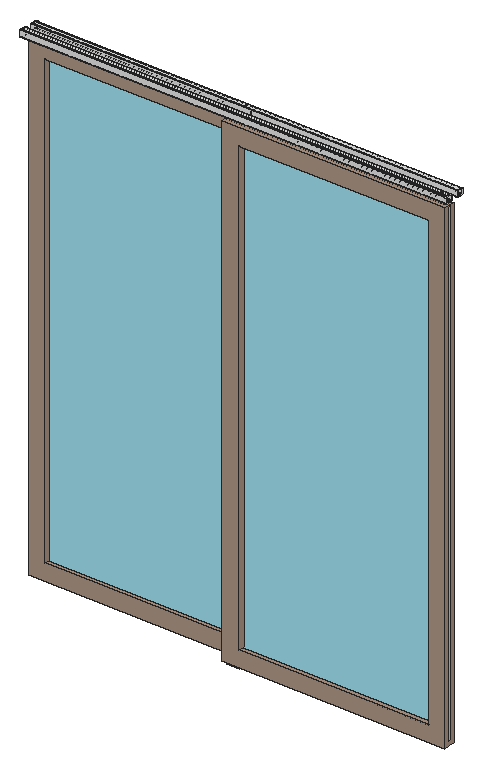
Revit family "2 Panel Slide SB2 XRDLP", category Doors, host Wall, Revit 2016
Family settings
  Host = Wall
  Always vertical = Yes
  Cut with Voids When Loaded = No
  Shared = No
  Room Calculation Point = No
Parameters (values of type "81"x 94 1/8"")
  URL = "www.raydoor.com"
  Type Image = SB2.jpg
  Trim GC [instance] = no
  Thickness = 2 1/4"  # constant formula
  Rough Width = 1"  # constant formula
  Rough Height = 161"
  Model = "SB2"
  Function = Interior
  Door Material = Door - Panel
  Panel Material = Glass, Cast, Gray
  Height = 94 1/8"
  Trim Projection Ext = 63/64"  # constant formula
  Typ = 3"  # constant formula
  Wall Closure = By host
  Width = 81"
  Assembly Code = "SB2 XRDLP"
Reference planes (in)
  plane 1: y = 0
  plane 2: z = 0
  plane 3: x = 0
  plane 4: x = -40.5
  plane 5: x = 40.5
  plane 6: z = 94.125
  plane 7: z = 92.9375
  plane 8: x = 37.5
  plane 9: x = 39
  plane 10: x = -1.5
  plane 11: x = 0
  plane 12: x = 1.5
  plane 13: x = -39
  plane 14: x = -37.5
  plane 15: y = 0.125
  plane 16: y = -2.375
  plane 17: y = 2.375
  plane 18: y = -0.125
Forms (in)
  Extrusion 1, solid, material "Door - Panel" <- "Door Material"
    sketch origin (-58, 2.62273, 0.25) x (1, 0, 0) y (0, 0, 1)
      loop
        line (56.2898, 92.125) -> (56.2898, 0.25) -> (98.5, 0.25) -> (98.5, 92.125) -> (56.2898, 92.125)
      loop
        line (59.5, 89.125) -> (59.5, 3.25) -> (95.5, 3.25) -> (95.5, 89.125) -> (59.5, 89.125)
    from 2.74773 to 4.99609
  Extrusion 2, solid, material "Glass, Cast, Gray" <- "Panel Material"
    sketch origin (-57.74997, -27.47932, 0.25) x (1, 0, 0) y (0, 0, 1)
      loop
        line (56.03978, 92.125) -> (56.03978, 1.125) -> (98.24998, 1.125) -> (98.24998, 92.125) -> (56.03978, 92.125)
    from -26.35104 to -26.10268
  Extrusion 3, void
    sketch origin (-58, -9.64385, -90.75) x (1, 0, 0) y (0, 0, 1)
      loop
        line (56.2898, 92.125) -> (56.2898, 91.25) -> (98.5, 91.25) -> (98.5, 92.125) -> (56.2898, 92.125)
    from -8.51721 to -8.26885
  Extrusion 4, solid, material "Door - Panel" <- "Door Material"
    sketch origin (-99, 0.3721, 0.25) x (1, 0, 0) y (0, 0, 1)
      loop
        line (58.5, 92.125) -> (58.5, 0.25) -> (100.5, 0.25) -> (100.5, 92.125) -> (58.5, 92.125)
      loop
        line (61.5, 89.125) -> (61.5, 3.25) -> (97.2898, 3.25) -> (97.2898, 89.125) -> (61.5, 89.125)
    from -2.00126 to 0.2471
  Extrusion 5, solid, material "Glass, Cast, Gray" <- "Panel Material"
    sketch origin (-98.99995, -4.09164, 0.25) x (1, 0, 0) y (0, 0, 1)
      loop
        line (58.49995, 92.125) -> (58.49995, 1.125) -> (100.5, 1.125) -> (100.5, 92.125) -> (58.49995, 92.125)
    from -5.465 to -5.21664
  Extrusion 6, void
    sketch origin (-99, -11.89221, -90.75) x (1, 0, 0) y (0, 0, 1)
      loop
        line (58.5, 92.125) -> (58.5, 91.25) -> (100.5, 91.25) -> (100.5, 92.125) -> (58.5, 92.125)
    from -13.26557 to -13.01721
  Extrusion 7, solid, material "UHMW, White", detail levels medium+fine
    sketch origin (88.27771, -1.73342, 0.25) x (0, 1, 0) y (0, 0, 1)
      loop
        line (1.16928, -0.25) -> (1.16928, -0.0625) -> (0.60678, -0.0625) -> (0.60678, 0.75) -> (0.41928, 0.75) -> (0.41928, -0.0625) -> (-0.14322, -0.0625) -> (-0.14322, -0.25) -> (1.16928, -0.25)
      loop
        line (-0.04289, 93.65625) -> (-0.04289, 92.85447) -> (1.00562, 92.85447) -> (1.00562, 93.65625) -> (-0.04289, 93.65625)
    from -89.52771 to -87.02771
  Extrusion 8, solid, material "UHMW, White", detail levels medium+fine
    sketch origin (88.27771, 0.76658, 0.25) x (0, 1, 0) y (0, 0, 1)
      loop
        line (1.16928, -0.25) -> (1.16928, -0.0625) -> (0.60678, -0.0625) -> (0.60678, 0.75) -> (0.41928, 0.75) -> (0.41928, -0.0625) -> (-0.14322, -0.0625) -> (-0.14322, -0.25) -> (1.16928, -0.25)
      loop
        line (-0.04125, 93.65625) -> (-0.04125, 92.85447) -> (1.00726, 92.85447) -> (1.00726, 93.65625) -> (-0.04125, 93.65625)
    from -89.52771 to -87.02771
  Extrusion 9, solid, material "UHMW, White"
    sketch origin (0, 42.66856, -9.0893) x (0, 1, 0) y (0, 0, 1)
      loop
        line (-40.98125, 103.19868) -> (-41.00944, 103.2143) -> (-41.82807, 103.2143) -> (-41.85625, 103.19868)
        arc (-41.85625, 103.19868) -> (-41.80157, 103.14399) -> (-41.85625, 103.0893) r 0.05469
        line (-41.85625, 103.0893) -> (-41.98125, 103.0893)
        arc (-41.98125, 103.0893) -> (-42.00335, 103.08015) -> (-42.0125, 103.05805) r 0.03125
        line (-42.0125, 103.05805) -> (-42.0125, 102.01916)
        arc (-42.0125, 102.01916) -> (-42.00619, 102.00031) -> (-41.9898, 101.98907) r 0.0313
        line (-41.9898, 101.98907) -> (-41.79375, 101.93305) -> (-41.69219, 101.93305)
        arc (-41.69219, 101.93305) -> (-41.67401, 101.9417) -> (-41.66924, 101.96126) r 0.02344
        arc (-41.66924, 101.96126) -> (-41.67141, 101.97686) -> (-41.68296, 101.98757) r 0.02344
        line (-41.68296, 101.98757) -> (-41.93438, 102.0594) -> (-41.93438, 102.13127) -> (-41.95, 102.19377) -> (-41.95, 102.99555) -> (-41.80157, 103.006) -> (-41.70968, 103.12055) -> (-41.12783, 103.12055) -> (-41.03594, 103.006) -> (-40.8875, 102.99555) -> (-40.8875, 102.19377) -> (-40.90313, 102.13127) -> (-40.90313, 102.0594) -> (-41.15455, 101.98757)
        arc (-41.15455, 101.98757) -> (-41.1661, 101.97686) -> (-41.16826, 101.96126) r 0.02344
        arc (-41.16826, 101.96126) -> (-41.1635, 101.9417) -> (-41.14532, 101.93305) r 0.02344
        line (-41.14532, 101.93305) -> (-41.04375, 101.93305) -> (-40.84771, 101.98907)
        arc (-40.84771, 101.98907) -> (-40.83132, 102.00031) -> (-40.825, 102.01916) r 0.0313
        line (-40.825, 102.01916) -> (-40.825, 103.05805)
        arc (-40.825, 103.05805) -> (-40.83416, 103.08015) -> (-40.85625, 103.0893) r 0.03125
        line (-40.85625, 103.0893) -> (-40.98125, 103.0893)
        arc (-40.98125, 103.0893) -> (-41.03594, 103.14399) -> (-40.98125, 103.19868) r 0.05469
    from -40.5 to 40.5
  Extrusion 10, solid, material "UHMW, White"
    sketch origin (-41.44048, 1.65912, 94.125) x (0, -1, 0) y (1, 0, 0)
      loop
        circle (2.90868, 80.44048) r 0.125
    from -1.75 to -0.09375
  Extrusion 11, solid, material "UHMW, White"
    sketch origin (0, 40.4202, -9.0893) x (0, 1, 0) y (0, 0, 1)
      loop
        line (-41.23289, 103.19868) -> (-41.26108, 103.2143) -> (-42.07971, 103.2143) -> (-42.10789, 103.19868)
        arc (-42.10789, 103.19868) -> (-42.05321, 103.14399) -> (-42.10789, 103.0893) r 0.05469
        line (-42.10789, 103.0893) -> (-42.23289, 103.0893)
        arc (-42.23289, 103.0893) -> (-42.25499, 103.08015) -> (-42.26414, 103.05805) r 0.03125
        line (-42.26414, 103.05805) -> (-42.26414, 102.01916)
        arc (-42.26414, 102.01916) -> (-42.25783, 102.00031) -> (-42.24144, 101.98907) r 0.0313
        line (-42.24144, 101.98907) -> (-42.04539, 101.93305) -> (-41.94383, 101.93305)
        arc (-41.94383, 101.93305) -> (-41.92565, 101.9417) -> (-41.92088, 101.96126) r 0.02344
        arc (-41.92088, 101.96126) -> (-41.92305, 101.97686) -> (-41.9346, 101.98757) r 0.02344
        line (-41.9346, 101.98757) -> (-42.18602, 102.0594) -> (-42.18602, 102.13127) -> (-42.20164, 102.19377) -> (-42.20164, 102.99555) -> (-42.05321, 103.006) -> (-41.96132, 103.12055) -> (-41.37947, 103.12055) -> (-41.28758, 103.006) -> (-41.13914, 102.99555) -> (-41.13914, 102.19377) -> (-41.15477, 102.13127) -> (-41.15477, 102.0594) -> (-41.40619, 101.98757)
        arc (-41.40619, 101.98757) -> (-41.41774, 101.97686) -> (-41.4199, 101.96126) r 0.02344
        arc (-41.4199, 101.96126) -> (-41.41514, 101.9417) -> (-41.39696, 101.93305) r 0.02344
        line (-41.39696, 101.93305) -> (-41.29539, 101.93305) -> (-41.09935, 101.98907)
        arc (-41.09935, 101.98907) -> (-41.08296, 102.00031) -> (-41.07664, 102.01916) r 0.0313
        line (-41.07664, 102.01916) -> (-41.07664, 103.05805)
        arc (-41.07664, 103.05805) -> (-41.0858, 103.08015) -> (-41.10789, 103.0893) r 0.03125
        line (-41.10789, 103.0893) -> (-41.23289, 103.0893)
        arc (-41.23289, 103.0893) -> (-41.28758, 103.14399) -> (-41.23289, 103.19868) r 0.05469
    from -40.5 to 40.5
  Extrusion 12, solid, material "UHMW, White"
    sketch origin (-92.86615, -11.16274, 94.125) x (0, -1, 0) y (1, 0, 0)
      loop
        circle (-12.41356, 92.86615) r 0.125
    from -1.75 to 0
Cuts and joins
  Extrusion 3 cuts Extrusion 1
  Extrusion 3 cuts Extrusion 2
  Extrusion 6 cuts Extrusion 4
  Extrusion 6 cuts Extrusion 5
Lines and regions (in)
  Opening 1
    outline origin (-60, -2.99773, 144) x (0, 0, -1) y (1, 0, 0)
      loop
        line (49.875, 19.5) -> (144, 19.5) -> (144, 100.5) -> (49.875, 100.5) -> (49.875, 19.5)
  Masking region 1
    outline origin (-7.24693, 27.04592, 0) x (1, 0, 0) y (0, 1, 0)
      loop
        line (8.74693, -29.42092) -> (8.74693, -27.17092) -> (-33.25307, -27.17092) -> (-33.25307, -29.42092) -> (8.74693, -29.42092)
  Masking region 2
    outline origin (-7.24693, 29.28975, 0) x (1, 0, 0) y (0, 1, 0)
      loop
        line (8.74693, -29.16475) -> (8.74693, -26.91475) -> (-33.25307, -26.91475) -> (-33.25307, -29.16475) -> (8.74693, -29.16475)
  symbolic lines, style "Elevation Swing"
    curve 1: line (-24.87555, 0, 37.98833) -> (17.4602, 0, 37.98833)
    curve 2: line (17.58465, 0, 32.79755) -> (-24.37555, 0, 32.79755)
    curve 3: line (-24.87555, 0, 37.98833) -> (-16.75562, 0, 40.48833)
    curve 4: line (12.38849, 0, 29.79755) -> (17.58465, 0, 32.79755)
  symbolic lines, style "Plan Swing"
    curve 5: line (25.5, -14.55138, 0) -> (8.7102, -14.55138, 0)
    curve 6: line (8.7102, -14.55138, 0) -> (10.83152, -12.43006, 0)
    curve 7: line (25.5, -16.07036, 0) -> (8.7102, -16.07036, 0)
    curve 8: line (23.37868, -18.19168, 0) -> (25.5, -16.07036, 0)
  model lines
    curve 9: line (-40.5, 3.00227, 0) -> (40.5, 3.00227, 0)
Dimensions and locks (in)
  equal spacing: plane 4, plane 3, plane 5
  "Width": plane 4 to plane 5
  "Height": plane 6 to plane 2
  locked: plane 6 to plane 7 at 1.1875
  equal spacing: plane 8, plane 9, plane 5, locked at 1.5 each
  "Typ": plane 8 to plane 5
  equal spacing: plane 10, plane 11, plane 12, locked at 1.5 each
  "Typ": plane 10 to plane 12
  equal spacing: plane 13, plane 11, plane 9
  "Typ": Extrusion 1 sketch curve to Extrusion 1 sketch curve  (x2)
  locked: Extrusion 2 to Extrusion 2 at 0.24836
  locked: Extrusion 2 sketch curve to Extrusion 1 at 0.875
  locked: Extrusion 3 to Extrusion 3 at 0.24836
  "Typ": Extrusion 4 sketch curve to Extrusion 4 sketch curve  (x2)
  locked: Extrusion 5 to Extrusion 5 at 0.24836
  locked: Extrusion 4 to Extrusion 5 at 1
  locked: Extrusion 5 sketch curve to Extrusion 4 at 0.875
  locked: Extrusion 6 to Extrusion 6 at 0.24836
  locked: plane 15 to plane 18 at 0.25
  "Typ": plane 4 to plane 14
  "Thickness": plane 17 to plane 15
  "Thickness": plane 18 to plane 16
  plane 4 to plane 13 to plane 14 = 1 1/2", 1 1/2"
  locked: Extrusion 7 to Extrusion 7 at 2.5
  Extrusion 7 sketch curve to Extrusion 7 sketch curve = 3/16"
  locked: Extrusion 7 sketch curve to Extrusion 7 sketch curve at 0.5625  (x2)
  locked: Extrusion 7 sketch curve to Extrusion 7 sketch curve at 0.1875
  Extrusion 7 to Extrusion 7 = 2 1/2"
  locked: Extrusion 8 to Extrusion 8 at 2.5
  Extrusion 8 sketch curve to Extrusion 8 sketch curve = 3/16"
  locked: Extrusion 8 sketch curve to Extrusion 8 sketch curve at 0.5625  (x2)
  locked: Extrusion 8 sketch curve to Extrusion 8 sketch curve at 0.1875
  locked: cut or joined group of Extrusion 2, Extrusion 3 to plane 16 at 0.99836
  locked: plane 17 to Extrusion 12 sketch curve at 1.24918
  locked: Extrusion 10 sketch curve to plane 16 at 1.00044
  diameter of Extrusion 10 sketch curve = 1/4"
  diameter of Extrusion 12 sketch curve = 1/4"
  aligned and locked: plane 5 to curve 9
  aligned and locked: Opening 1 sketch curve to plane 5
  aligned and locked: Opening 1 sketch curve to plane 4
  aligned and locked: Extrusion 1 to Extrusion 2
  aligned and locked: Extrusion 1 to Extrusion 3  (x2)
  aligned and locked: Extrusion 4 to Extrusion 5
  aligned and locked: Extrusion 4 to Extrusion 6  (x2)
  aligned and locked: plane 4 to cut or joined group of Extrusion 4, Extrusion 6
  aligned and locked: plane 4 to cut or joined group of Extrusion 5, Extrusion 6
  aligned and locked: cut or joined group of Extrusion 4, Extrusion 6 to plane 14
  aligned and locked: Masking region 2 to plane 12
  aligned and locked: plane 4 to Masking region 2
  aligned and locked: plane 17 to Masking region 2
  aligned and locked: Masking region 2 to plane 15
  aligned and locked: Extrusion 7 sketch curve to Extrusion 7 sketch curve
  aligned and locked: cut or joined group of Extrusion 1, Extrusion 3 to Extrusion 7
  aligned and locked: Extrusion 8 sketch curve to Extrusion 8 sketch curve
  aligned and locked: cut or joined group of Extrusion 4, Extrusion 6 to Extrusion 8
  aligned and locked: Extrusion 10 to Extrusion 9
  aligned and locked: plane 4 to Extrusion 11
  aligned and locked: plane 4 to Extrusion 9
  aligned and locked: Masking region 1 to plane 12
  aligned and locked: plane 4 to Masking region 1
  aligned and locked: plane 18 to Masking region 1
  aligned and locked: Masking region 1 to plane 16
  aligned and locked: Extrusion 9 to plane 5
  aligned and locked: Extrusion 11 to plane 5
Automatic sketch dimensions
  curve 3 to plane 14 = 12.62445"
  level to curve 3 = 37.98833"
  curve 4 to plane 12 = 16.08465"
  curve 1 to curve 4 = 5.19077"
  plane 10 to curve 3 = 15.25562"
  curve 3 to curve 1 = 2 1/2"
  curve 4 to plane 12 = 10.88849"
  curve 2 to curve 4 = 3"
  curve 1 to curve 2 = 1/2"
  curve 1 to curve 2 = 0.12445"
  Opening 1 sketch curve to plane 6 = 0"
  Opening 1 sketch curve to level = 0"
  curve 5 to plane 12 = 7.2102"
  plane 8 to curve 7 = 12"
  host wall to curve 7 = 13.07263"
  curve 7 to curve 6 = 1.51898"
  curve 7 to curve 5 = 0"
  curve 5 to curve 6 = 2.12132"  (x2)
  curve 8 to curve 7 = 2.12132"  (x2)
  curve 5 to curve 7 = 0"
  curve 9 to level = 0"
  plane 4 to curve 9 = 0"
  Masking region 1 sketch curve to plane 14 = 39"
  Masking region 1 sketch curve to host wall = 2.87273"
  plane 4 to Masking region 1 sketch curve = 0"
  Masking region 1 sketch curve to Masking region 1 sketch curve = 2 1/4"
  Masking region 2 sketch curve to plane 4 = 0"
  Masking region 2 sketch curve to plane 12 = 0"
  Masking region 2 sketch curve to plane 15 = 0"
  Masking region 2 sketch curve to plane 17 = 0"
  plane 10 to Extrusion 2 sketch curve = 0.21019"
  Extrusion 2 sketch curve to plane 5 = 0"
  plane 7 to Extrusion 2 sketch curve = 9/16"
  plane 5 to Extrusion 3 sketch curve = 0"
  plane 10 to Extrusion 3 sketch curve = 0.2102"
  level to Extrusion 3 sketch curve = 1/2"
  Extrusion 3 sketch curve to Extrusion 3 sketch curve = 7/8"
  plane 4 to Extrusion 5 sketch curve = 0"
  Extrusion 5 sketch curve to plane 12 = 0.00005"
  plane 7 to Extrusion 5 sketch curve = 9/16"
  plane 4 to Extrusion 6 sketch curve = 0"
  plane 12 to Extrusion 6 sketch curve = 0"
  level to Extrusion 6 sketch curve = 1/2"
  Extrusion 6 sketch curve to Extrusion 6 sketch curve = 7/8"
  Extrusion 7 sketch curve to level = 0"
  plane 16 to Extrusion 7 sketch curve = 0.49836"
  Extrusion 7 sketch curve to plane 7 = 0.16697"
  plane 16 to Extrusion 7 sketch curve = 0.59869"
  plane 6 to Extrusion 7 sketch curve = 7/32"
  Extrusion 7 sketch curve to plane 18 = 0.6028"
  Extrusion 7 sketch curve to Extrusion 7 sketch curve = 13/16"
  Extrusion 8 sketch curve to level = 0"
  plane 15 to Extrusion 8 sketch curve = 0.49836"
  Extrusion 8 sketch curve to plane 7 = 0.16697"
  plane 15 to Extrusion 8 sketch curve = 0.60033"
  plane 6 to Extrusion 8 sketch curve = 7/32"
  Extrusion 8 sketch curve to plane 17 = 0.60116"
  Extrusion 8 sketch curve to Extrusion 8 sketch curve = 13/16"
  plane 6 to Extrusion 9 sketch curve = 0"
  plane 7 to Extrusion 9 sketch curve = 0.00764"  (x2)
  plane 15 to Extrusion 9 sketch curve = 0.53106"
  plane 7 to Extrusion 9 sketch curve = 0.03774"  (x2)
  Extrusion 9 sketch curve to Extrusion 9 sketch curve = 0.0227"
  Extrusion 9 sketch curve to Extrusion 9 sketch curve = 1/32"  (x3)
  Extrusion 9 sketch curve to plane 7 = 0.10447"
  Extrusion 9 sketch curve to Extrusion 9 sketch curve = 1/64"  (x2)
  Extrusion 9 sketch curve to Extrusion 9 sketch curve = 1/8"
  Extrusion 9 sketch curve to Extrusion 9 sketch curve = 0.02819"  (x2)
  plane 6 to Extrusion 9 sketch curve = 0.20831"  (x2)
  Extrusion 9 sketch curve to Extrusion 9 sketch curve = 7/128"  (x3)
  plane 7 to Extrusion 9 sketch curve = 3/32"  (x2)
  Extrusion 9 sketch curve to Extrusion 9 sketch curve = 9/64"  (x2)
  plane 6 to Extrusion 9 sketch curve = 3/32"
  Extrusion 9 sketch curve to Extrusion 9 sketch curve = 0.09189"  (x2)
  Extrusion 9 sketch curve to Extrusion 9 sketch curve = 13/128"  (x2)
  Extrusion 9 sketch curve to Extrusion 9 sketch curve = 0"  (x2)
  plane 7 to Extrusion 9 sketch curve = 0.03924"  (x2)
  Extrusion 9 sketch curve to Extrusion 9 sketch curve = 0.00923"  (x2)
  Extrusion 9 sketch curve to Extrusion 9 sketch curve = 0.52841"
  Extrusion 9 sketch curve to Extrusion 9 sketch curve = 0.58185"
  Extrusion 9 sketch curve to Extrusion 9 sketch curve = 0.11839"
  Extrusion 9 sketch curve to plane 7 = 0.0326"  (x2)
  Extrusion 9 sketch curve to plane 7 = 0.16697"
  Extrusion 9 sketch curve to Extrusion 9 sketch curve = 0.04683"
  Extrusion 9 sketch curve to Extrusion 9 sketch curve = 0.0086"
  Extrusion 9 sketch curve to Extrusion 9 sketch curve = 3/128"  (x2)
  Extrusion 9 sketch curve to Extrusion 9 sketch curve = 0.00953"  (x2)
  Extrusion 9 sketch curve to Extrusion 9 sketch curve = 1/16"  (x4)
  Extrusion 9 sketch curve to Extrusion 9 sketch curve = 0.01044"  (x2)
  Extrusion 9 to Extrusion 10 sketch curve = 1 1/2"
  plane 6 to Extrusion 11 sketch curve = 0"
  plane 7 to Extrusion 11 sketch curve = 0.00764"  (x2)
  plane 16 to Extrusion 11 sketch curve = 0.53106"
  plane 7 to Extrusion 11 sketch curve = 0.03774"  (x2)
  Extrusion 11 sketch curve to Extrusion 11 sketch curve = 0.0227"
  Extrusion 11 sketch curve to Extrusion 11 sketch curve = 1/32"  (x3)
  Extrusion 11 sketch curve to plane 7 = 0.10447"
  Extrusion 11 sketch curve to Extrusion 11 sketch curve = 1/64"  (x2)
  Extrusion 11 sketch curve to Extrusion 11 sketch curve = 1/8"
  Extrusion 11 sketch curve to Extrusion 11 sketch curve = 0.02819"  (x2)
  plane 6 to Extrusion 11 sketch curve = 0.20831"  (x2)
  Extrusion 11 sketch curve to Extrusion 11 sketch curve = 7/128"  (x3)
  plane 7 to Extrusion 11 sketch curve = 3/32"  (x2)
  Extrusion 11 sketch curve to Extrusion 11 sketch curve = 9/64"  (x2)
  plane 6 to Extrusion 11 sketch curve = 3/32"
  Extrusion 11 sketch curve to Extrusion 11 sketch curve = 0.09189"  (x2)
  Extrusion 11 sketch curve to Extrusion 11 sketch curve = 13/128"  (x2)
  Extrusion 11 sketch curve to Extrusion 11 sketch curve = 0"  (x2)
  plane 7 to Extrusion 11 sketch curve = 0.03924"  (x2)
  Extrusion 11 sketch curve to Extrusion 11 sketch curve = 0.00923"  (x2)
  Extrusion 11 sketch curve to Extrusion 11 sketch curve = 0.52841"
  Extrusion 11 sketch curve to Extrusion 11 sketch curve = 0.58185"
  Extrusion 11 sketch curve to Extrusion 11 sketch curve = 0.11839"
  Extrusion 11 sketch curve to plane 7 = 0.0326"  (x2)
  Extrusion 11 sketch curve to plane 7 = 0.16697"
  Extrusion 11 sketch curve to Extrusion 11 sketch curve = 0.04683"
  Extrusion 11 sketch curve to Extrusion 11 sketch curve = 0.0086"
  Extrusion 11 sketch curve to Extrusion 11 sketch curve = 3/128"  (x2)
  Extrusion 11 sketch curve to Extrusion 11 sketch curve = 0.00953"  (x2)
  Extrusion 11 sketch curve to Extrusion 11 sketch curve = 1/16"  (x4)
  Extrusion 11 sketch curve to Extrusion 11 sketch curve = 0.01044"  (x2)
  Extrusion 9 to Extrusion 12 sketch curve = 40 1/2"
  plane 8 to Extrusion 1 sketch curve = 0"
  plane 5 to Extrusion 1 sketch curve = 0"
  plane 12 to Extrusion 1 sketch curve = 0"
  plane 10 to Extrusion 1 sketch curve = 0.2102"
  level to Extrusion 1 sketch curve = 1/2"
  plane 7 to Extrusion 1 sketch curve = 3 9/16"
  plane 4 to Extrusion 4 sketch curve = 0"
  plane 14 to Extrusion 4 sketch curve = 0"
  plane 10 to Extrusion 4 sketch curve = 0.2102"
  Extrusion 4 sketch curve to plane 12 = 0"
  level to Extrusion 4 sketch curve = 1/2"
  plane 7 to Extrusion 4 sketch curve = 3 9/16"
